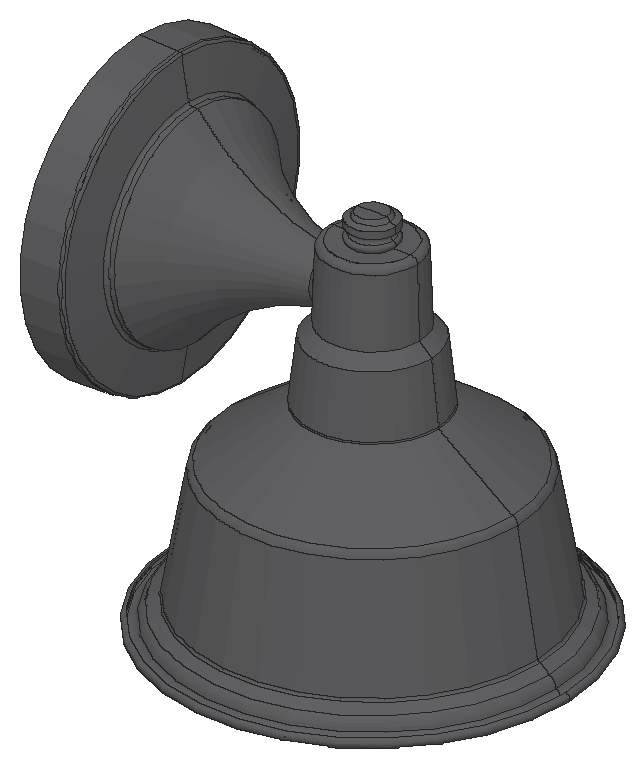
Revit family "Mini Wall Mount 1925 -8 MB", category Lighting Fixtures, Revit 2020
Family settings
  Round Connector Dimension = Use Diameter
  Part Type = Normal
  OmniClass Number = 23.80.70.00
  OmniClass Title = Lighting
  Work Plane-Based = No
  Always vertical = Yes
  Cut with Voids When Loaded = No
  Light Source = Yes
  Shared = No
  Room Calculation Point = No
Parameters (values of type "WM1925")
  Weight = "2.0 lbs"
  Wattage Comments = "100W Max"
  Wattage = 0.68 W
  Warranty = "5 year limited warranty"  # constant formula
  WM1925 = yes
  built-in parameter 1150110 = 1 (stored number, unit not read)
  Voltage = 277 V
  URL = "https://www.anplighting.com/assets/Uploads/product-attachments/specification-sheets/ANP-Specification-Sheet-RLM-MB-WM1925.pdf"
  built-in parameter 1114217 = 1 (stored number, unit not read)
  Tilt Angle = 90.00°
  built-in parameter 1150109 = 1 (stored number, unit not read)
  built-in parameter 1150134 = 12
  built-in parameter 1150113 = 1 (stored number, unit not read)
  Power Factor = 1
  Placement X axis side [instance] = 0' - 4 7/8"  # constant formula
  Photometric Web File = "generic.ies"
  Model = "WM1925"
  Manufacturer = "ANP Lighting"  # constant formula
  built-in parameter 1150105 = 67.641 (stored number, unit not read)
  Lumens = 850 lm
  built-in parameter 1150115 = 1 (stored number, unit not read)
  Load Classification = Lighting
  Light Source Height [instance] = 0' - 4 11/16"  # constant formula
  built-in parameter 1150137 = (empty or 0)
  built-in parameter 1150139 = (empty or 0)
  Light Elevation _2 [instance] = 0' - 1 137/256"  # constant formula
  Light Elevation _1 [instance] = 0' - 0 7/8"  # constant formula
  Light Elevation [instance] = 0' - 0"  # constant formula
  built-in parameter 1150112 = 1 (stored number, unit not read)
  built-in parameter 1150114 = 1 (stored number, unit not read)
  Lamp = "MB"
  built-in parameter 1150132 = 2
  built-in parameter 1150102 = (empty or 0)
  built-in parameter 1150107 = 4000 (stored number, unit not read)
  built-in parameter 1150138 = (empty or 0)
  built-in parameter 1150106 = 0.67641 (stored number, unit not read)
  INSIDE BODY = INSIDE BODY
  Fixture Height = 0' - 9 3/8"
  Fixture Diameter = 0' - 9"
  built-in parameter 1150104 = 116.13 (stored number, unit not read)
  Dimming Lamp Color Temperature Shift = <None>
  Description = "120-277 Voltage"  # constant formula
  Default Elevation = 0' - 0"
  Construction Material = "Heavy Duty spun aluminum."  # constant formula
  Color Filter = 16777215
  Bulb = Bulb
  Body Material = body
  Body Colour = "Spun aluminium"  # constant formula
  built-in parameter 1114218 = 1 (stored number, unit not read)
  built-in parameter 1150133 = 10 (stored number, unit not read)
  Apparent Load = 100 VA
Reference planes (in)
  plane 1 "Light Source Axis (F/B)": y = 0
  plane 2: z = 0
  plane 3 "Light Source Axis (L/R)": x = 0
  plane 4 "Light Source Elevation": z = 0
  plane 5: z = 0
  plane 6: x = 4.875
  plane 7 "Bulb Position": z = -1.53516
  plane 8 "Canopy Position": z = -0.875
  plane 9 "IES": z = -6.22266
Dimensions and locks (in)
  "Light Elevation": plane 5 to plane 2
  "Placement X axis side": plane 6 to plane 3 "Light Source Axis (L/R)"
  "Light Elevation _2": plane 5 to plane 7 "Bulb Position"
  "Light Elevation _1": plane 5 to plane 8 "Canopy Position"
  "Light Source Height": plane 7 "Bulb Position" to plane 9 "IES"
  locked: plane 4 "Light Source Elevation" to plane 2
  aligned and locked: level to plane 2
  aligned and locked: imposter light to plane 9 "IES"
  aligned and locked: plane 6 to imposter light
  aligned and locked: plane 3 "Light Source Axis (L/R)" to nested 1
  aligned and locked: nested 1 to plane 5
Nested families (in)
  nested 1: "WM1925" at (4.8769, 0, -6.25) x (-1, 0, 0) z (0, 0, 1), BODY <- "Body Material", visible <- "WM1925", WM1925 <- "WM1925", type "WM1925"
    with WM1925 yes, BODY body
Definition of nested family "WM1925"
  Parameters (values of type "WM1925")
    WM1925 [instance] = yes
    BODY [instance] = none
    Default Elevation = 0' - 0"
  Reference planes (in)
    plane 1 "Center (Front/Back)": y = 0
    plane 2: z = 0
    plane 3 "Center (Left/Right)": x = 0
    plane 4: z = 6.25
    plane 5: z = 9.375
    plane 6: x = -4.1231
    plane 7: x = 4.8769
  Forms (in)
    Revolve 1, solid, material <- "BODY", visible <- "WM1925"
      sketch origin (0, 0, -6.03739) x (1, 0, 0) y (0, 0, 1)
        loop
          line (-0.25, 13.2838) -> (-0.79923, 13.2838)
          arc (-0.79923, 13.2838) -> (-0.89752, 13.24572) -> (-0.94108, 13.14973) r 0.13945
          line (-0.94108, 13.14973) -> (-0.99499, 11.74822) -> (-1.24209, 11.50112) -> (-1.38254, 10.27233)
          arc (-1.38254, 10.27233) -> (-1.38534, 10.25335) -> (-1.38851, 10.23443) r 0.99908
          arc (-1.38851, 10.23443) -> (-2.1823, 9.71666) -> (-2.94276, 9.15108) r 15.41064
          arc (-2.94276, 9.15108) -> (-3.00645, 9.08133) -> (-3.04487, 8.99505) r 0.29546
          arc (-3.04487, 8.99505) -> (-3.28048, 7.81785) -> (-3.46269, 6.63121) r 26.58062
          arc (-3.46269, 6.63121) -> (-3.47242, 6.59926) -> (-3.4944, 6.57412) r 0.07962
          line (-3.4944, 6.57412) -> (-3.71506, 6.44015)
          arc (-3.71506, 6.44015) -> (-3.80532, 6.33952) -> (-3.84903, 6.21161) r 0.33864
          arc (-3.84903, 6.21161) -> (-3.92854, 6.1305) -> (-4.03816, 6.10074) r 0.21676
          arc (-4.03816, 6.10074) -> (-4.06235, 6.12492) -> (-4.03816, 6.14911) r 0.02419
          line (-4.03816, 6.14911) -> (-4.03816, 6.21161)
          arc (-4.03816, 6.21161) -> (-4.12485, 6.12492) -> (-4.03816, 6.03824) r 0.08669
          arc (-4.03816, 6.03824) -> (-3.89118, 6.08005) -> (-3.78821, 6.19297) r 0.27926
          arc (-3.78821, 6.19297) -> (-3.75473, 6.30207) -> (-3.68001, 6.38831) r 0.27614
          line (-3.68001, 6.38831) -> (-3.45978, 6.52202)
          arc (-3.45978, 6.52202) -> (-3.41903, 6.56672) -> (-3.40056, 6.62432) r 0.14212
          arc (-3.40056, 6.62432) -> (-3.21894, 7.80694) -> (-2.98416, 8.98017) r 26.51812
          arc (-2.98416, 8.98017) -> (-2.95384, 9.04758) -> (-2.90393, 9.1021) r 0.23296
          arc (-2.90393, 9.1021) -> (-2.1352, 9.6733) -> (-1.33233, 10.19544) r 15.34814
          arc (-1.33233, 10.19544) -> (-1.32586, 10.22989) -> (-1.32053, 10.26453) r 1.06158
          line (-1.32053, 10.26453) -> (-1.18474, 11.45244) -> (-0.93185, 11.70533) -> (-0.93185, 11.76357) -> (-0.87863, 13.14732)
          arc (-0.87863, 13.14732) -> (-0.85442, 13.20046) -> (-0.79987, 13.2213) r 0.07695
          line (-0.79987, 13.2213) -> (-0.25, 13.2213) -> (-0.25, 13.2838)
        axis (0, 13.2838) -> (0, 6.03824)
      angle from 0 to 360
    Revolve 2, solid, material <- "BODY", visible <- "WM1925"
      sketch origin (-0.25781, 0, -6.76653) x (1, 0, 0) y (0, 0, 1)
        loop
          line (5.13323, 16.14412) -> (4.36093, 16.1126) -> (4.29456, 16.1126)
          arc (4.29456, 16.1126) -> (4.26165, 16.10052) -> (4.24436, 16.07003) r 0.05088
          line (4.24436, 16.07003) -> (4.10875, 15.25068)
          arc (4.10875, 15.25068) -> (4.08619, 15.20464) -> (4.03782, 15.18764) r 0.06767
          line (4.03782, 15.18764) -> (3.91961, 15.18764)
          arc (3.91961, 15.18764) -> (2.69005, 14.11712) -> (1.1652, 13.54035) r 4.61977
          line (1.1652, 13.54035) -> (1.1652, 13.47702)
          arc (1.1652, 13.47702) -> (2.70795, 14.04833) -> (3.94894, 15.12832) r 4.57594
          line (3.94894, 15.12832) -> (4.04051, 15.12832)
          arc (4.04051, 15.12832) -> (4.13485, 15.16739) -> (4.17393, 15.26174) r 0.13342
          line (4.17393, 15.26174) -> (4.29719, 16.00647)
          arc (4.29719, 16.00647) -> (4.31387, 16.03659) -> (4.34581, 16.04943) r 0.0514
          line (4.34581, 16.04943) -> (5.13323, 16.08157) -> (5.13323, 16.14412)
        axis (5.13323, 13.01653) -> (1.1652, 13.01653)
      angle from 0 to 360
    Revolve 3, solid, material <- "BODY"
      sketch origin (0, 0, -6.41239) x (1, 0, 0) y (0, 0, 1)
        loop
          line (0, 14.21044) -> (-0.30165, 14.20229) -> (-0.35971, 14.12488) -> (-0.48073, 14.07647) -> (-0.48073, 13.9425)
          arc (-0.48073, 13.9425) -> (-0.39618, 13.88996) -> (-0.41769, 13.79277) r 0.08611
          arc (-0.41769, 13.79277) -> (-0.48073, 13.72184) -> (-0.40981, 13.6588) r 0.0671
          line (-0.40981, 13.6588) -> (-0.25, 13.6588) -> (-0.25, 13.93462) -> (0, 13.93462) -> (0, 14.21044)
        axis (0, 14.21044) -> (0, 13.6588)
      angle from 0 to 360
    Revolve 4, void
      sketch origin (-0.1875, 0, -6.75614) x (1, 0, 0) y (0, 0, 1)
        loop
          line (1.25993, 12.46954) -> (1.25993, 13.01653) -> (1.11893, 13.01653) -> (1.11893, 12.49285)
          arc (1.11893, 12.49285) -> (1.18951, 12.48166) -> (1.25993, 12.46954) r 5.38984
        axis (1.11893, 13.01653) -> (1.25993, 13.01653)
      angle from 0 to 360
  Cuts and joins
    Revolve 4 cuts Revolve 1
  Dimensions and locks (in)
    plane 5 to plane 2 = 0' - 9 3/8"
    plane 4 to plane 2 = 0' - 6 1/4"
    plane 3 "Center (Left/Right)" to plane 6 = 0' - 4.1231"
    plane 7 to plane 6 = 0' - 9"
    aligned and locked: plane 2 to level
